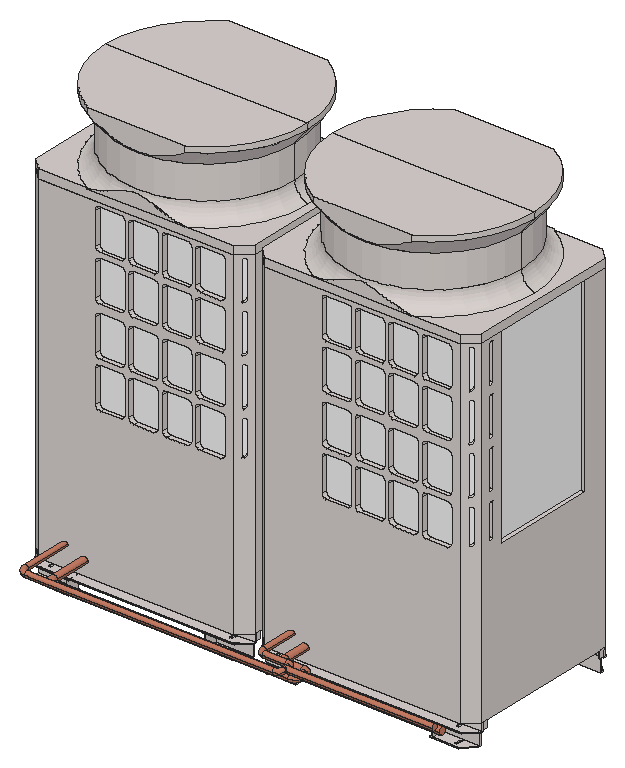
Revit family "PURY-EP600YSNW-A1", category 機械設備, Revit 2016
Family settings
  パーツ タイプ = 標準
  丸型コネクタ寸法 = 半径を使用
  OmniClass 番号 = 23.75.00.00
  OmniClass タイトル = Climate Control (HVAC)
  作業面に基づく = いいえ
  常に垂直 = はい
  ロード時にボイドで切り取り = いいえ
  共有 = いいえ
  部屋の計算ポイント = いいえ
Parameters (values of type "PURY-EP600YSNW-A1_415V_60Hz")
  WarrantyStart = ""
  Temp. range of cooling (Outdoor temp.) (D.B.) = "-5.0 to 52.0"
  Temp. range of cooling (Indoor temp.) (W.B.) = "15.0 to 24.0"
  TagNumber = 0
  SerialNumber = 0
  ReplacementYear = ""
  Outdoor unit 2 Breaker size (A) = 30
  Outdoor unit 1 Breaker size (A) = 30
  Note_1 = "Refrigerant pipe diameters may change depending on the installation condition. Please refer to the installation manual."
  モデル = "PURY-EP600YSNW-A1"
  Width = 1870.000 mm
  Voltage = 415 V
  Unit Weight (kg) = 460
  URL = "http://www.mitsubishielectric.com/"
  Temp. range of heating (Outdoor temp.) (W.B.) = "-20.0 to 15.5"
  Temp. range of heating (Indoor temp.) (D.B.) = "15.0 to 27.0"
  Subcategory = "HVAC"
  Space View = yes
  Sound Pressure Level (dB(A)) Heating mode = 70
  Sound Pressure Level (dB(A)) Cooling mode = 64
  Refrigerant type = "R410A"
  Refrigerant Charge (kg) = 10.4
  Protection Devices_Inverter circuit (COMP./FAN) = "Over-current protection"
  Protection Devices_High pressure (MPa) = "High pressure sensor, High pressure switch at 4.15"
  Phase = 3
  製造元 = "Mitsubishi Electric Corporation"
  Outdoor unit 2 = PURY-EP300YNW-A1 : PURY-EP300YNW-A1
  Outdoor unit 1 = PURY-EP300YNW-A1 : PURY-EP300YNW-A1
  Maximum Circuit Ampacity (A) = 40.6
  Low pressure pipe_radius = 14.290 mm
  InstallationDate = "0"
  Indoor Unit Total Capacity = "50 to 150% of outdoor unit capacity"
  Indoor Unit Model/Quantity = "P10 to P250/2 to 50"
  High pressure pipe_radius = 11.100 mm
  Hertz = 60 Hz
  Height = 1858.000 mm
  Heating SCOP (kW/kW) = 3.99
  Heating Rated Load Ampacity (A) = 30.9
  Heating Power Input (kW) = 20.02
  Heating Power Input (Nominal) (kW) = 17.03
  Heating Current Input (Nominal) (A) = 26.3
  Heating Current Input (A) = 30.9
  Heating Capacity (kW) = 76.5
  Heating Capacity (Nominal) (kW) = 69
  Heating COP (kW/kW) = 3.82
  Heating COP (Nominal) (kW/kW) = 4.05
  Fan_Type = "Propeller Fan"
  Fan_Quantity = 2
  Fan Motor Output (kW) = 1.84
  External static pressure (Pa) = 0
  External Finish = "Pre-coated galvanized steel sheets (+powder coating for -BS type) <MUNSELL 5Y 8/1 or similar>"
  Equip_description = "0"
  Equip_No. = 0
  Equip_ID = "0"
  Description = "0"
  Depth = 740.000 mm
  CreatedOn = "0"
  CreatedBy = "0"
  Cooling SEER (kW/kW) = 6.61
  Cooling Rated Load Ampacity (A) = 26.7
  Cooling Power Input (kW) = 17.33
  Cooling EER (kW/kW) = 3.98
  Cooling Current Input (A) = 26.7
  Cooling Capacity (kW) = 69
  Compressor_Type = "Inverter scroll hermetic compressor"
  Compressor_Quantity = 2
  Compressor_Lubricant = "MEL32"
  Compressor Motor Output (kW) = 14.6
  Category [instance] = "0"
  Barcode = "0"
  AssetIdentifier = "0"
  Airflow Rate (m3/min) = 480
  Airflow Rate (m3/h) = 28800
Reference planes
  plane 1 "Center (Front/Back)": y = 0
  plane 2: z = 0
  plane 3 "Center (Left/Right)": x = 0
  plane 4: y = 370
  plane 5 "front": y = -370
  plane 6: x = -935
  plane 7: x = 935
  plane 8: x = 15
  plane 9: x = -15
  plane 10: z = 1858
Forms (mm)
  Sweep 1, solid, material "Copper"
    path origin (1017.215, -4.248, 187) x (0, -1, 0) y (1, 0, 0)
      loop
        line (360, -1792.386) -> (570, -1792.386)
        arc (570, -1792.386) -> (591.213, -1783.6) -> (600, -1762.386) r 30
        line (600, -1762.386) -> (600, -725.507)
        arc (600, -725.507) -> (594.142, -711.365) -> (580, -705.507) r 20
        line (580, -705.507) -> (552.385, -705.507)
        arc (552.385, -705.507) -> (538.243, -711.365) -> (532.385, -725.507) r 20
        line (532.385, -725.507) -> (532.385, -821.501)
        arc (532.385, -821.501) -> (526.527, -835.643) -> (512.385, -841.501) r 20
        line (512.385, -841.501) -> (357.385, -841.501)
    profile origin (-775.172, -469.248, 187) x (1, 0, 0) y (0, 0, 1)
      loop
        circle (0, 0) r 11.1
  Sweep 2, solid, material "Copper"
    path origin (1039.386, -4.248, 155) x (0, -1, 0) y (1, 0, 0)
      loop
        line (360, -1733) -> (525, -1733)
        arc (525, -1733) -> (546.213, -1724.213) -> (555, -1703) r 30
        line (555, -1703) -> (555, -800.253) -> (555, -715.253)
        arc (555, -715.253) -> (549.142, -701.111) -> (535, -695.253) r 20
        line (535, -695.253) -> (510, -695.253)
        arc (510, -695.253) -> (495.858, -701.111) -> (490, -715.253) r 20
        line (490, -715.253) -> (490, -786.253)
        arc (490, -786.253) -> (484.142, -800.395) -> (470, -806.253) r 20
        line (470, -806.253) -> (360, -806.253)
    profile origin (-693.614, -446.748, 155) x (1, 0, 0) y (0, 0, 1)
      loop
        circle (0, 0) r 14.29
  Sweep 3, solid, material "Copper"
    path origin (934.386, -4.248, 187) x (0, -1, 0) y (1, 0, 0)
      loop
        line (565.96, -620) -> (565.96, 0.614)
    profile origin (624.693, -570.208, 187) x (0, 1, 0) y (0, 0, 1)
      loop
        circle (0, 0) r 11.1
  Sweep 4, solid, material "Copper"
    path origin (934.386, -4.248, 155.027) x (-1, 0, 0) y (0, -1, 0)
      loop
        line (585, 523.84) -> (0, 523.84)
    profile origin (641.886, -528.088, 155.027) x (0, 1, 0) y (0, 0, 1)
      loop
        circle (0, 0) r 14.29
Dimensions and locks
  plane 6 to plane 7 = 1870.000 mm
  "High pressure pipe_radius": radius of Sweep 3 sketch curve
  "Low pressure pipe_radius": radius of Sweep 4 sketch curve
  aligned and locked: level to plane 2
Automatic sketch dimensions
  Sweep 1 sketch curve to plane 5 "front" = 8.366 mm
  Sweep 1 sketch curve to plane 5 "front" = 5.752 mm
  plane 5 "front" to Sweep 1 sketch curve = 146.634 mm
  Sweep 1 sketch curve to Sweep 1 sketch curve = 20.000 mm  (x2)
  plane 5 "front" to Sweep 1 sketch curve = 204.248 mm
  Sweep 1 sketch curve to Sweep 1 sketch curve = 27.615 mm
  Sweep 1 sketch curve to Sweep 1 sketch curve = 30.000 mm
  plane 6 to Sweep 1 sketch curve = 159.828 mm
  plane 3 "Center (Left/Right)" to Sweep 1 sketch curve = 175.714 mm
  Sweep 1 sketch curve to Sweep 1 sketch curve = 95.994 mm
  profile plane to Sweep 1 sketch curve = 0.000 mm
  Sweep 1 sketch curve to profile plane = 0.000 mm
  Sweep 2 sketch curve to plane 5 "front" = 5.752 mm  (x2)
  plane 5 "front" to Sweep 2 sketch curve = 104.248 mm
  Sweep 2 sketch curve to Sweep 2 sketch curve = 20.000 mm  (x3)
  plane 5 "front" to Sweep 2 sketch curve = 159.248 mm
  Sweep 2 sketch curve to Sweep 2 sketch curve = 25.000 mm
  plane 6 to Sweep 2 sketch curve = 241.386 mm
  plane 3 "Center (Left/Right)" to Sweep 2 sketch curve = 239.134 mm
  Sweep 2 sketch curve to Sweep 2 sketch curve = 6.000 mm
  Sweep 2 sketch curve to Sweep 2 sketch curve = 71.000 mm
  profile plane to Sweep 2 sketch curve = 0.000 mm
  Sweep 2 sketch curve to profile plane = 0.000 mm
  Sweep 3 sketch curve to plane 7 = 0.000 mm
  plane 5 "front" to Sweep 3 sketch curve = 200.208 mm
  plane 8 to Sweep 3 sketch curve = 299.386 mm
  Sweep 4 sketch curve to plane 7 = 0.614 mm
  plane 5 "front" to Sweep 4 sketch curve = 158.088 mm
  plane 8 to Sweep 4 sketch curve = 334.386 mm
  Sweep 3 sketch curve to profile plane = 0.000 mm  (x2)
  Sweep 4 sketch curve to profile plane = 0.000 mm  (x2)
  radius of Sweep 1 sketch curve = 11.100 mm
  radius of Sweep 2 sketch curve = 14.290 mm
Nested families
  nested 1: "PURY-EP300YNW-A1" at (-475, 0, 0), type <- "Outdoor unit 1", type "PURY-EP300YNW-A1"
  nested 2: "PURY-EP300YNW-A1" at (475, 0, 0), type <- "Outdoor unit 2", type "PURY-EP300YNW-A1"
Connectors
  piping at (934.386, -528.088, 155.027), diameter 28.58, driven by "Low pressure pipe_radius"
    settings: on Sweep 4, index 1, connector inside diameter 28.58 mm, connector length 0.000 mm, flow factor 0, pipe flow 0.0 L/s, pressure drop 0.0 Pa, fitting loss kfactor 0, connector angle 0.00°, fixture units 0, engagement length 0.000 mm, angle of deflection 0.00°, flow configuration 0, flow direction 0, fitting loss method 0, system type 22, joint type 0, gender type 0, connector reference index -1, connector utility 0, adjustable connector no, is connector primary yes, connector description "BC controller-Twinning pipe(Low pressure)"
  piping at (935, -570.208, 187), diameter 22.2, driven by "High pressure pipe_radius"
    settings: on Sweep 3, index 2, connector inside diameter 22.2 mm, connector length 0.000 mm, flow factor 0, pipe flow 0.0 L/s, pressure drop 0.0 Pa, fitting loss kfactor 0, connector angle 0.00°, fixture units 0, engagement length 0.000 mm, angle of deflection 0.00°, flow configuration 0, flow direction 0, fitting loss method 0, system type 22, joint type 0, gender type 0, connector reference index -1, connector utility 0, adjustable connector no, is connector primary no, connector description "BC controller-Twinning pipe(High pressure)"
  electrical at (319, -370, 280), driven by "Phase", driven by "Voltage"
    settings: index 4, voltage 415 V, apparent load 0 VA, apparent load phase1 0 VA, apparent load phase2 0 VA, apparent load phase3 0 VA, power factor 1, load classification "HVAC", number of poles 3, system type 30, power factor state 1, is connector primary yes, connector utility no, sub classification motor no, connector description ""
  electrical at (-633, -370, 280), driven by "Phase", driven by "Voltage"
    settings: index 5, voltage 415 V, apparent load 0 VA, apparent load phase1 0 VA, apparent load phase2 0 VA, apparent load phase3 0 VA, power factor 1, load classification "HVAC", number of poles 3, system type 30, power factor state 1, is connector primary no, connector utility no, sub classification motor no, connector description ""
Definition of nested family "PURY-EP300YNW-A1"
  Parameters
    Model = "PURY-P300YNW-A"
    URL = "http://www.mitsubishielectric.com/"
    Manufacturer = "Mitsubishi Electric Corporation"
    Liquid pipe_radius = 4.760 mm
    Gas pipe_radius = 11.100 mm
  Reference planes
    plane 1 "Center (Front/Back)": y = 0
    plane 2: z = 0
    plane 3 "Center (Left/Right)": x = 0
    plane 4 "11": through (-415, 370, 1200) normal (0.7071, -0.7071, 0)
    plane 5 "22": through (-415, -370, 1200) normal (-0.7071, -0.7071, 0)
    plane 6 "44": through (460, 325, 1200) normal (-0.7071, -0.7071, 0)
    plane 7 "33": through (460, -325, 1200) normal (0.7071, -0.7071, 0)
    plane 8: z = 754.5
    plane 9: z = 909.5
    plane 10: x = -300
    plane 11: x = -217
    plane 12: y = 370
    plane 13: y = -370
    plane 14: x = -460
    plane 15: x = 460
  Forms (mm)
    Extrusion 1, solid
      sketch origin (0, 0, 113) x (-1, 0, 0) y (0, -1, 0)
        loop
          line (410, -370) -> (460, -320) -> (460, 320) -> (410, 370) -> (-410, 370) -> (-460, 320) -> (-460, -320) -> (-410, -370) -> (410, -370)
      from -18 to 1408
    Extrusion 2, void
      sketch origin (410, -370, 113) x (1, 0, 0) y (0, 0, -1)
        loop
          arc (-55, -1393.5) -> (-40.858, -1387.642) -> (-35, -1373.5) r 20
          line (-35, -1373.5) -> (-35, -1238.676)
          arc (-35, -1238.676) -> (-40.858, -1224.534) -> (-55, -1218.676) r 20
          line (-55, -1218.676) -> (-139.8, -1218.676)
          arc (-139.8, -1218.676) -> (-153.942, -1224.534) -> (-159.8, -1238.676) r 20
          line (-159.8, -1238.676) -> (-159.8, -1373.5)
          arc (-159.8, -1373.5) -> (-153.942, -1387.642) -> (-139.8, -1393.5) r 20
          line (-139.8, -1393.5) -> (-55, -1393.5)
      from 0 to 20
    Extrusion 3, void
      sketch origin (270, -370, 113) x (1, 0, 0) y (0, 0, -1)
        loop
          arc (-55, -1393.5) -> (-40.858, -1387.642) -> (-35, -1373.5) r 20
          line (-35, -1373.5) -> (-35, -1238.676)
          arc (-35, -1238.676) -> (-40.858, -1224.534) -> (-55, -1218.676) r 20
          line (-55, -1218.676) -> (-139.8, -1218.676)
          arc (-139.8, -1218.676) -> (-153.942, -1224.534) -> (-159.8, -1238.676) r 20
          line (-159.8, -1238.676) -> (-159.8, -1373.5)
          arc (-159.8, -1373.5) -> (-153.942, -1387.642) -> (-139.8, -1393.5) r 20
          line (-139.8, -1393.5) -> (-55, -1393.5)
      from 0 to 20
    Extrusion 4, void
      sketch origin (130, -370, 113) x (1, 0, 0) y (0, 0, -1)
        loop
          arc (-55, -1393.5) -> (-40.858, -1387.642) -> (-35, -1373.5) r 20
          line (-35, -1373.5) -> (-35, -1238.676)
          arc (-35, -1238.676) -> (-40.858, -1224.534) -> (-55, -1218.676) r 20
          line (-55, -1218.676) -> (-139.8, -1218.676)
          arc (-139.8, -1218.676) -> (-153.942, -1224.534) -> (-159.8, -1238.676) r 20
          line (-159.8, -1238.676) -> (-159.8, -1373.5)
          arc (-159.8, -1373.5) -> (-153.942, -1387.642) -> (-139.8, -1393.5) r 20
          line (-139.8, -1393.5) -> (-55, -1393.5)
      from 0 to 20
    Extrusion 5, void
      sketch origin (-10, -370, 113) x (1, 0, 0) y (0, 0, -1)
        loop
          arc (-55, -1393.5) -> (-40.858, -1387.642) -> (-35, -1373.5) r 20
          line (-35, -1373.5) -> (-35, -1238.676)
          arc (-35, -1238.676) -> (-40.858, -1224.534) -> (-55, -1218.676) r 20
          line (-55, -1218.676) -> (-139.8, -1218.676)
          arc (-139.8, -1218.676) -> (-153.942, -1224.534) -> (-159.8, -1238.676) r 20
          line (-159.8, -1238.676) -> (-159.8, -1373.5)
          arc (-159.8, -1373.5) -> (-153.942, -1387.642) -> (-139.8, -1393.5) r 20
          line (-139.8, -1393.5) -> (-55, -1393.5)
      from 0 to 20
    Extrusion 6, void
      sketch origin (410, -370, -81) x (1, 0, 0) y (0, 0, -1)
        loop
          arc (-55, -1393.5) -> (-40.858, -1387.642) -> (-35, -1373.5) r 20
          line (-35, -1373.5) -> (-35, -1238.676)
          arc (-35, -1238.676) -> (-40.858, -1224.534) -> (-55, -1218.676) r 20
          line (-55, -1218.676) -> (-139.8, -1218.676)
          arc (-139.8, -1218.676) -> (-153.942, -1224.534) -> (-159.8, -1238.676) r 20
          line (-159.8, -1238.676) -> (-159.8, -1373.5)
          arc (-159.8, -1373.5) -> (-153.942, -1387.642) -> (-139.8, -1393.5) r 20
          line (-139.8, -1393.5) -> (-55, -1393.5)
      from 0 to 20
    Extrusion 7, void
      sketch origin (270, -370, -81) x (1, 0, 0) y (0, 0, -1)
        loop
          arc (-55, -1393.5) -> (-40.858, -1387.642) -> (-35, -1373.5) r 20
          line (-35, -1373.5) -> (-35, -1238.676)
          arc (-35, -1238.676) -> (-40.858, -1224.534) -> (-55, -1218.676) r 20
          line (-55, -1218.676) -> (-139.8, -1218.676)
          arc (-139.8, -1218.676) -> (-153.942, -1224.534) -> (-159.8, -1238.676) r 20
          line (-159.8, -1238.676) -> (-159.8, -1373.5)
          arc (-159.8, -1373.5) -> (-153.942, -1387.642) -> (-139.8, -1393.5) r 20
          line (-139.8, -1393.5) -> (-55, -1393.5)
      from 0 to 20
    Extrusion 8, void
      sketch origin (130, -370, -81) x (1, 0, 0) y (0, 0, -1)
        loop
          arc (-55, -1393.5) -> (-40.858, -1387.642) -> (-35, -1373.5) r 20
          line (-35, -1373.5) -> (-35, -1238.676)
          arc (-35, -1238.676) -> (-40.858, -1224.534) -> (-55, -1218.676) r 20
          line (-55, -1218.676) -> (-139.8, -1218.676)
          arc (-139.8, -1218.676) -> (-153.942, -1224.534) -> (-159.8, -1238.676) r 20
          line (-159.8, -1238.676) -> (-159.8, -1373.5)
          arc (-159.8, -1373.5) -> (-153.942, -1387.642) -> (-139.8, -1393.5) r 20
          line (-139.8, -1393.5) -> (-55, -1393.5)
      from 0 to 20
    Extrusion 9, void
      sketch origin (-10, -370, -81) x (1, 0, 0) y (0, 0, -1)
        loop
          arc (-55, -1393.5) -> (-40.858, -1387.642) -> (-35, -1373.5) r 20
          line (-35, -1373.5) -> (-35, -1238.676)
          arc (-35, -1238.676) -> (-40.858, -1224.534) -> (-55, -1218.676) r 20
          line (-55, -1218.676) -> (-139.8, -1218.676)
          arc (-139.8, -1218.676) -> (-153.942, -1224.534) -> (-159.8, -1238.676) r 20
          line (-159.8, -1238.676) -> (-159.8, -1373.5)
          arc (-159.8, -1373.5) -> (-153.942, -1387.642) -> (-139.8, -1393.5) r 20
          line (-139.8, -1393.5) -> (-55, -1393.5)
      from 0 to 20
    Extrusion 10, void
      sketch origin (410, -370, -287) x (1, 0, 0) y (0, 0, -1)
        loop
          arc (-55, -1393.5) -> (-40.858, -1387.642) -> (-35, -1373.5) r 20
          line (-35, -1373.5) -> (-35, -1238.676)
          arc (-35, -1238.676) -> (-40.858, -1224.534) -> (-55, -1218.676) r 20
          line (-55, -1218.676) -> (-139.8, -1218.676)
          arc (-139.8, -1218.676) -> (-153.942, -1224.534) -> (-159.8, -1238.676) r 20
          line (-159.8, -1238.676) -> (-159.8, -1373.5)
          arc (-159.8, -1373.5) -> (-153.942, -1387.642) -> (-139.8, -1393.5) r 20
          line (-139.8, -1393.5) -> (-55, -1393.5)
      from 0 to 20
    Extrusion 11, void
      sketch origin (270, -370, -287) x (1, 0, 0) y (0, 0, -1)
        loop
          arc (-55, -1393.5) -> (-40.858, -1387.642) -> (-35, -1373.5) r 20
          line (-35, -1373.5) -> (-35, -1238.676)
          arc (-35, -1238.676) -> (-40.858, -1224.534) -> (-55, -1218.676) r 20
          line (-55, -1218.676) -> (-139.8, -1218.676)
          arc (-139.8, -1218.676) -> (-153.942, -1224.534) -> (-159.8, -1238.676) r 20
          line (-159.8, -1238.676) -> (-159.8, -1373.5)
          arc (-159.8, -1373.5) -> (-153.942, -1387.642) -> (-139.8, -1393.5) r 20
          line (-139.8, -1393.5) -> (-55, -1393.5)
      from 0 to 20
    Extrusion 12, void
      sketch origin (130, -370, -287) x (1, 0, 0) y (0, 0, -1)
        loop
          arc (-55, -1393.5) -> (-40.858, -1387.642) -> (-35, -1373.5) r 20
          line (-35, -1373.5) -> (-35, -1238.676)
          arc (-35, -1238.676) -> (-40.858, -1224.534) -> (-55, -1218.676) r 20
          line (-55, -1218.676) -> (-139.8, -1218.676)
          arc (-139.8, -1218.676) -> (-153.942, -1224.534) -> (-159.8, -1238.676) r 20
          line (-159.8, -1238.676) -> (-159.8, -1373.5)
          arc (-159.8, -1373.5) -> (-153.942, -1387.642) -> (-139.8, -1393.5) r 20
          line (-139.8, -1393.5) -> (-55, -1393.5)
      from 0 to 20
    Extrusion 13, void
      sketch origin (-10, -370, -287) x (1, 0, 0) y (0, 0, -1)
        loop
          arc (-55, -1393.5) -> (-40.858, -1387.642) -> (-35, -1373.5) r 20
          line (-35, -1373.5) -> (-35, -1238.676)
          arc (-35, -1238.676) -> (-40.858, -1224.534) -> (-55, -1218.676) r 20
          line (-55, -1218.676) -> (-139.8, -1218.676)
          arc (-139.8, -1218.676) -> (-153.942, -1224.534) -> (-159.8, -1238.676) r 20
          line (-159.8, -1238.676) -> (-159.8, -1373.5)
          arc (-159.8, -1373.5) -> (-153.942, -1387.642) -> (-139.8, -1393.5) r 20
          line (-139.8, -1393.5) -> (-55, -1393.5)
      from 0 to 20
    Extrusion 14, void
      sketch origin (410, -370, -481) x (1, 0, 0) y (0, 0, -1)
        loop
          arc (-55, -1393.5) -> (-40.858, -1387.642) -> (-35, -1373.5) r 20
          line (-35, -1373.5) -> (-35, -1238.676)
          arc (-35, -1238.676) -> (-40.858, -1224.534) -> (-55, -1218.676) r 20
          line (-55, -1218.676) -> (-139.8, -1218.676)
          arc (-139.8, -1218.676) -> (-153.942, -1224.534) -> (-159.8, -1238.676) r 20
          line (-159.8, -1238.676) -> (-159.8, -1373.5)
          arc (-159.8, -1373.5) -> (-153.942, -1387.642) -> (-139.8, -1393.5) r 20
          line (-139.8, -1393.5) -> (-55, -1393.5)
      from 0 to 20
    Extrusion 15, void
      sketch origin (270, -370, -481) x (1, 0, 0) y (0, 0, -1)
        loop
          arc (-55, -1393.5) -> (-40.858, -1387.642) -> (-35, -1373.5) r 20
          line (-35, -1373.5) -> (-35, -1238.676)
          arc (-35, -1238.676) -> (-40.858, -1224.534) -> (-55, -1218.676) r 20
          line (-55, -1218.676) -> (-139.8, -1218.676)
          arc (-139.8, -1218.676) -> (-153.942, -1224.534) -> (-159.8, -1238.676) r 20
          line (-159.8, -1238.676) -> (-159.8, -1373.5)
          arc (-159.8, -1373.5) -> (-153.942, -1387.642) -> (-139.8, -1393.5) r 20
          line (-139.8, -1393.5) -> (-55, -1393.5)
      from 0 to 20
    Extrusion 16, void
      sketch origin (130, -370, -481) x (1, 0, 0) y (0, 0, -1)
        loop
          arc (-55, -1393.5) -> (-40.858, -1387.642) -> (-35, -1373.5) r 20
          line (-35, -1373.5) -> (-35, -1238.676)
          arc (-35, -1238.676) -> (-40.858, -1224.534) -> (-55, -1218.676) r 20
          line (-55, -1218.676) -> (-139.8, -1218.676)
          arc (-139.8, -1218.676) -> (-153.942, -1224.534) -> (-159.8, -1238.676) r 20
          line (-159.8, -1238.676) -> (-159.8, -1373.5)
          arc (-159.8, -1373.5) -> (-153.942, -1387.642) -> (-139.8, -1393.5) r 20
          line (-139.8, -1393.5) -> (-55, -1393.5)
      from 0 to 20
    Extrusion 17, void
      sketch origin (-10, -370, -481) x (1, 0, 0) y (0, 0, -1)
        loop
          arc (-55, -1393.5) -> (-40.858, -1387.642) -> (-35, -1373.5) r 20
          line (-35, -1373.5) -> (-35, -1238.676)
          arc (-35, -1238.676) -> (-40.858, -1224.534) -> (-55, -1218.676) r 20
          line (-55, -1218.676) -> (-139.8, -1218.676)
          arc (-139.8, -1218.676) -> (-153.942, -1224.534) -> (-159.8, -1238.676) r 20
          line (-159.8, -1238.676) -> (-159.8, -1373.5)
          arc (-159.8, -1373.5) -> (-153.942, -1387.642) -> (-139.8, -1393.5) r 20
          line (-139.8, -1393.5) -> (-55, -1393.5)
      from 0 to 20
    Extrusion 18, solid
      sketch origin (0, -189, -3) x (0, 0, -1) y (-1, 0, 0)
        loop
          circle (-179, 217) r 11.1
      from 0 to 150
    Extrusion 19, solid
      sketch origin (0, -172, -3) x (0, 0, -1) y (-1, 0, 0)
        loop
          circle (-179, 300) r 4.76
      from 0 to 150
    Extrusion 20, void
      sketch origin (-460, -320, 113) x (0, -1, 0) y (0, 0, -1)
        loop
          line (-611.5, -1236.511) -> (-611.5, -1386.5)
          arc (-611.5, -1386.5) -> (-601.5, -1396.5) -> (-591.5, -1386.5) r 10
          line (-591.5, -1386.5) -> (-591.5, -1236.511)
          arc (-591.5, -1236.511) -> (-601.5, -1226.511) -> (-611.5, -1236.511) r 10
      from 0 to 20
    Extrusion 21, void
      sketch origin (-460, -320, -87.006) x (0, -1, 0) y (0, 0, -1)
        loop
          line (-611.5, -1236.511) -> (-611.5, -1386.5)
          arc (-611.5, -1386.5) -> (-601.5, -1396.5) -> (-591.5, -1386.5) r 10
          line (-591.5, -1386.5) -> (-591.5, -1236.511)
          arc (-591.5, -1236.511) -> (-601.5, -1226.511) -> (-611.5, -1236.511) r 10
      from 0 to 20
    Extrusion 22, void
      sketch origin (-460, -320, -287.006) x (0, -1, 0) y (0, 0, -1)
        loop
          line (-611.5, -1236.511) -> (-611.5, -1386.5)
          arc (-611.5, -1386.5) -> (-601.5, -1396.5) -> (-591.5, -1386.5) r 10
          line (-591.5, -1386.5) -> (-591.5, -1236.511)
          arc (-591.5, -1236.511) -> (-601.5, -1226.511) -> (-611.5, -1236.511) r 10
      from 0 to 20
    Extrusion 23, void
      sketch origin (-460, -320, -479.506) x (0, -1, 0) y (0, 0, -1)
        loop
          line (-611.5, -1244.006) -> (-611.5, -1379.006)
          arc (-611.5, -1379.006) -> (-601.5, -1389.006) -> (-591.5, -1379.006) r 10
          line (-591.5, -1379.006) -> (-591.5, -1244.006)
          arc (-591.5, -1244.006) -> (-601.5, -1234.006) -> (-611.5, -1244.006) r 10
      from 0 to 20
    Extrusion 24, void
      sketch origin (-460, -320, 113) x (0, -1, 0) y (0, 0, -1)
        loop
          line (-543, -1408) -> (-215, -1408) -> (-215, -632) -> (-543, -632) -> (-543, -1408)
      from 0 to 20
    Extrusion 25, void
      sketch origin (-410, 370, 113) x (0.707107, 0.707107, 0) y (0, 0, 1)
        loop
          line (-27.158, 1236.539) -> (-27.158, 1386.461)
          arc (-27.158, 1386.461) -> (-37.158, 1396.461) -> (-47.158, 1386.461) r 10
          line (-47.158, 1386.461) -> (-47.158, 1236.539)
          arc (-47.158, 1236.539) -> (-37.158, 1226.539) -> (-27.158, 1236.539) r 10
        loop
          line (-27.158, 1036.539) -> (-27.158, 1186.461)
          arc (-27.158, 1186.461) -> (-37.158, 1196.461) -> (-47.158, 1186.461) r 10
          line (-47.158, 1186.461) -> (-47.158, 1036.539)
          arc (-47.158, 1036.539) -> (-37.158, 1026.539) -> (-27.158, 1036.539) r 10
        loop
          line (-27.158, 836.539) -> (-27.158, 986.461)
          arc (-27.158, 986.461) -> (-37.158, 996.461) -> (-47.158, 986.461) r 10
          line (-47.158, 986.461) -> (-47.158, 836.539)
          arc (-47.158, 836.539) -> (-37.158, 826.539) -> (-27.158, 836.539) r 10
        loop
          line (-27.158, 652.5) -> (-27.158, 785.5)
          arc (-27.158, 785.5) -> (-37.158, 795.5) -> (-47.158, 785.5) r 10
          line (-47.158, 785.5) -> (-47.158, 652.5)
          arc (-47.158, 652.5) -> (-37.158, 642.5) -> (-27.158, 652.5) r 10
      from 0 to 20
    Extrusion 26, void
      sketch origin (460, -320, 113) x (0.707107, 0.707107, 0) y (0, 0, -1)
        loop
          arc (-25.5, -1236.423) -> (-35.5, -1226.423) -> (-45.5, -1236.423) r 10
          line (-45.5, -1236.423) -> (-45.5, -1386.487)
          arc (-45.5, -1386.487) -> (-35.5, -1396.487) -> (-25.5, -1386.487) r 10
          line (-25.5, -1386.487) -> (-25.5, -1236.423)
      from 0 to 20
    Extrusion 27, void
      sketch origin (460, -320, -86.884) x (0.707107, 0.707107, 0) y (0, 0, -1)
        loop
          arc (-25.5, -1236.423) -> (-35.5, -1226.423) -> (-45.5, -1236.423) r 10
          line (-45.5, -1236.423) -> (-45.5, -1386.487)
          arc (-45.5, -1386.487) -> (-35.5, -1396.487) -> (-25.5, -1386.487) r 10
          line (-25.5, -1386.487) -> (-25.5, -1236.423)
      from 0 to 20
    Extrusion 28, void
      sketch origin (460, -320, -286.884) x (0.707107, 0.707107, 0) y (0, 0, -1)
        loop
          arc (-25.5, -1236.423) -> (-35.5, -1226.423) -> (-45.5, -1236.423) r 10
          line (-45.5, -1236.423) -> (-45.5, -1386.487)
          arc (-45.5, -1386.487) -> (-35.5, -1396.487) -> (-25.5, -1386.487) r 10
          line (-25.5, -1386.487) -> (-25.5, -1236.423)
      from 0 to 20
    Extrusion 29, void
      sketch origin (460, -320, -487.987) x (0.707107, 0.707107, 0) y (0, 0, -1)
        loop
          arc (-25.5, -1253.487) -> (-35.5, -1243.487) -> (-45.5, -1253.487) r 10
          line (-45.5, -1253.487) -> (-45.5, -1386.487)
          arc (-45.5, -1386.487) -> (-35.5, -1396.487) -> (-25.5, -1386.487) r 10
          line (-25.5, -1386.487) -> (-25.5, -1253.487)
      from 0 to 20
    Extrusion 30, void
      sketch origin (460, 320, 113) x (0, 1, 0) y (0, 0, -1)
        loop
          line (-604, -1236.423) -> (-604, -1386.487)
          arc (-604, -1386.487) -> (-594, -1396.487) -> (-584, -1386.487) r 10
          line (-584, -1386.487) -> (-584, -1236.423)
          arc (-584, -1236.423) -> (-594, -1226.423) -> (-604, -1236.423) r 10
        loop
          line (-604, -1036.539) -> (-604, -1186.603)
          arc (-604, -1186.603) -> (-594, -1196.603) -> (-584, -1186.603) r 10
          line (-584, -1186.603) -> (-584, -1036.539)
          arc (-584, -1036.539) -> (-594, -1026.539) -> (-604, -1036.539) r 10
        loop
          line (-604, -836.539) -> (-604, -986.603)
          arc (-604, -986.603) -> (-594, -996.603) -> (-584, -986.603) r 10
          line (-584, -986.603) -> (-584, -836.539)
          arc (-584, -836.539) -> (-594, -826.539) -> (-604, -836.539) r 10
        loop
          line (-604, -652.5) -> (-604, -785.5)
          arc (-604, -785.5) -> (-594, -795.5) -> (-584, -785.5) r 10
          line (-584, -785.5) -> (-584, -652.5)
          arc (-584, -652.5) -> (-594, -642.5) -> (-604, -652.5) r 10
      from 0 to 20
    Extrusion 31, void
      sketch origin (460, 320, 113) x (0, 1, 0) y (0, 0, -1)
        loop
          line (-542, -1408) -> (-100, -1408) -> (-100, -611.5) -> (-542, -611.5) -> (-542, -1408)
      from 0 to 20
    Extrusion 32, void
      sketch origin (-410, 370, 113) x (-1, 0, 0) y (0, 0, -1)
        loop
          line (-718, -1408) -> (-47, -1408) -> (-47, -613) -> (-718, -613) -> (-718, -1408)
      from 0 to 20
  Cuts and joins
    Extrusion 2, Extrusion 3, Extrusion 4, Extrusion 5, Extrusion 6, Extrusion 7, Extrusion 8, Extrusion 9, Extrusion 10, Extrusion 11, Extrusion 12, Extrusion 13, Extrusion 14, Extrusion 15, Extrusion 16, Extrusion 17, Extrusion 20, Extrusion 21, Extrusion 22, Extrusion 23, Extrusion 24, Extrusion 25, Extrusion 26, Extrusion 27, Extrusion 28, Extrusion 29, Extrusion 30, Extrusion 31, Extrusion 32 cuts Extrusion 1
  Lines and regions (mm)
    model lines
      curve 1: line (-390, -370, 716) -> (390, -370, 716)
      curve 2: line (-390, -370, 1521) -> (-390, -370, 95)
      curve 3: line (390, -370, 1521) -> (390, -370, 95)
      curve 4: line (-172, -370, 95) -> (-172, -370, 207.5)
      curve 5: line (390, -370, 224.5) -> (199, -370, 224.5)
      curve 6: line (172, -370, 197.5) -> (172, -370, 95)
      curve 7: arc (-189, -370, 224.5) -> (-176.979, -370, 219.521) -> (-172, -370, 207.5) r 17
      curve 8: arc (199, -370, 224.5) -> (179.908, -370, 216.592) -> (172, -370, 197.5) r 27
      curve 9: line (-192, -291, 95) -> (-322, -291, 95)
      curve 10: line (-182, -207, 95) -> (-182, -281, 95)
      curve 11: line (-322, -197, 95) -> (-192, -197, 95)
      curve 12: line (-332, -281, 95) -> (-332, -207, 95)
      curve 13: arc (-332, -281, 95) -> (-329.071, -288.071, 95) -> (-322, -291, 95) r 10
      curve 14: arc (-192, -291, 95) -> (-184.929, -288.071, 95) -> (-182, -281, 95) r 10
      curve 15: arc (-182, -207, 95) -> (-184.929, -199.929, 95) -> (-192, -197, 95) r 10
      curve 16: arc (-322, -197, 95) -> (-329.071, -199.929, 95) -> (-332, -207, 95) r 10
      curve 25: line (-219, -370, 1521) -> (-219, -370, 716)
      curve 26: line (-189, -370, 224.5) -> (-390, -370, 224.5)
      curve 27: circle (308, -185, 95) r 26 normal (0, 0, 1)
      curve 28: circle (288, -260, 95) r 32.5 normal (0, 0, 1)
      curve 29: circle (244, -204, 95) r 17 normal (0, 0, 1)
      curve 30: line (-460, 243, 1521) -> (-460, 243, 95)
      curve 32: line (-460, 243, 705) -> (-460, -155, 705)
      curve 33: line (-460, -155, 95) -> (-460, -155, 1521)
      curve 34: line (-460, 223, 1521) -> (-460, 223, 705)
      curve 35: line (-460, -105, 1521) -> (-460, -105, 705)
      curve 36: line (-460, -95.983, 267.745) -> (-460, 184, 267.745)
      curve 37: line (-460, 184, 247.745) -> (-460, -95.983, 247.745)
      curve 38: arc (-460, -95.983, 247.745) -> (-460, -105.983, 257.745) -> (-460, -95.983, 267.745) r 10
      curve 39: arc (-460, 184, 267.745) -> (-460, 194, 257.745) -> (-460, 184, 247.745) r 10
      curve 40: line (-460, -95.983, 372.745) -> (-460, 184, 372.745)
      curve 41: line (-460, 184, 352.745) -> (-460, -95.983, 352.745)
      curve 42: arc (-460, -95.983, 352.745) -> (-460, -105.983, 362.745) -> (-460, -95.983, 372.745) r 10
      curve 43: arc (-460, 184, 372.745) -> (-460, 194, 362.745) -> (-460, 184, 352.745) r 10
      curve 44: line (-460, -95.983, 477.745) -> (-460, 184, 477.745)
      curve 45: line (-460, 184, 457.745) -> (-460, -95.983, 457.745)
      curve 46: arc (-460, -95.983, 457.745) -> (-460, -105.983, 467.745) -> (-460, -95.983, 477.745) r 10
      curve 47: arc (-460, 184, 477.745) -> (-460, 194, 467.745) -> (-460, 184, 457.745) r 10
      curve 48: line (-460, -95.983, 582.745) -> (-460, 184, 582.745)
      curve 49: line (-460, 184, 562.745) -> (-460, -95.983, 562.745)
      curve 50: arc (-460, -95.983, 562.745) -> (-460, -105.983, 572.745) -> (-460, -95.983, 582.745) r 10
      curve 51: arc (-460, 184, 582.745) -> (-460, 194, 572.745) -> (-460, 184, 562.745) r 10
      curve 52: line (-110, -370, 269) -> (110, -370, 269)
      curve 53: line (110, -370, 249) -> (-110, -370, 249)
      curve 54: arc (-120, -370, 259) -> (-117.071, -370, 266.071) -> (-110, -370, 269) r 10
      curve 55: arc (-110, -370, 249) -> (-117.071, -370, 251.929) -> (-120, -370, 259) r 10
      curve 56: arc (110, -370, 269) -> (117.071, -370, 266.071) -> (120, -370, 259) r 10
      curve 57: arc (120, -370, 259) -> (117.071, -370, 251.929) -> (110, -370, 249) r 10
      curve 58: line (-222.5, -370, 584) -> (222.5, -370, 584)
      curve 59: line (222.5, -370, 564) -> (-222.5, -370, 564)
      curve 60: arc (-222.5, -370, 584) -> (-229.571, -370, 581.071) -> (-232.5, -370, 574) r 10
      curve 61: arc (222.5, -370, 584) -> (229.571, -370, 581.071) -> (232.5, -370, 574) r 10
      curve 62: arc (232.5, -370, 574) -> (229.571, -370, 566.929) -> (222.5, -370, 564) r 10
      curve 63: arc (-222.5, -370, 564) -> (-229.571, -370, 566.929) -> (-232.5, -370, 574) r 10
      curve 64: line (-222.5, -370, 479) -> (222.5, -370, 479)
      curve 65: line (222.5, -370, 459) -> (-222.5, -370, 459)
      curve 66: arc (-222.5, -370, 479) -> (-229.571, -370, 476.071) -> (-232.5, -370, 469) r 10
      curve 67: arc (222.5, -370, 479) -> (229.571, -370, 476.071) -> (232.5, -370, 469) r 10
      curve 68: arc (232.5, -370, 469) -> (229.571, -370, 461.929) -> (222.5, -370, 459) r 10
      curve 69: arc (-222.5, -370, 459) -> (-229.571, -370, 461.929) -> (-232.5, -370, 469) r 10
      curve 70: line (-222.5, -370, 374) -> (222.5, -370, 374)
      curve 71: line (222.5, -370, 354) -> (-222.5, -370, 354)
      curve 72: arc (-222.5, -370, 374) -> (-229.571, -370, 371.071) -> (-232.5, -370, 364) r 10
      curve 73: arc (222.5, -370, 374) -> (229.571, -370, 371.071) -> (232.5, -370, 364) r 10
      curve 74: arc (232.5, -370, 364) -> (229.571, -370, 356.929) -> (222.5, -370, 354) r 10
      curve 75: arc (-222.5, -370, 354) -> (-229.571, -370, 356.929) -> (-232.5, -370, 364) r 10
      curve 76: line (460, -237.5, 1521) -> (460, -237.5, 95)
      curve 77: line (460, -237.5, 705) -> (460, 236.5, 705)
      curve 78: line (460, -237.5, 724.5) -> (460, 236.5, 724.5)
      curve 79: line (460, 236.5, 1521) -> (460, 236.5, 95)
      curve 80: line (327.5, 370, 1521) -> (327.5, 370, 95)
      curve 81: line (308, 370, 1521) -> (308, 370, 706)
      curve 82: line (327.5, 370, 706) -> (-382.5, 370, 706)
      curve 83: line (-382.5, 370, 1521) -> (-382.5, 370, 95)
      curve 84: line (-363, 370, 1521) -> (-363, 370, 706)
      curve 85: line (460, -140.491, 267.745) -> (460, 139.491, 267.745)
      curve 86: line (460, 139.491, 247.745) -> (460, -140.491, 247.745)
      curve 87: arc (460, -140.491, 247.745) -> (460, -150.491, 257.745) -> (460, -140.491, 267.745) r 10
      curve 88: arc (460, 139.491, 267.745) -> (460, 149.491, 257.745) -> (460, 139.491, 247.745) r 10
      curve 89: line (460, -140.491, 372.745) -> (460, 139.491, 372.745)
      curve 90: line (460, 139.491, 352.745) -> (460, -140.491, 352.745)
      curve 91: arc (460, -140.491, 352.745) -> (460, -150.491, 362.745) -> (460, -140.491, 372.745) r 10
      curve 92: arc (460, 139.491, 372.745) -> (460, 149.491, 362.745) -> (460, 139.491, 352.745) r 10
      curve 93: line (460, -140.491, 477.745) -> (460, 139.491, 477.745)
      curve 94: line (460, 139.491, 457.745) -> (460, -140.491, 457.745)
      curve 95: arc (460, -140.491, 457.745) -> (460, -150.491, 467.745) -> (460, -140.491, 477.745) r 10
      curve 96: arc (460, 139.491, 477.745) -> (460, 149.491, 467.745) -> (460, 139.491, 457.745) r 10
      curve 97: line (460, -140.491, 582.745) -> (460, 139.491, 582.745)
      curve 98: line (460, 139.491, 562.745) -> (460, -140.491, 562.745)
      curve 99: arc (460, -140.491, 562.745) -> (460, -150.491, 572.745) -> (460, -140.491, 582.745) r 10
      curve 100: arc (460, 139.491, 582.745) -> (460, 149.491, 572.745) -> (460, 139.491, 562.745) r 10
      curve 101: line (-222.5, 370, 584) -> (222.5, 370, 584)
      curve 102: line (222.5, 370, 564) -> (-222.5, 370, 564)
      curve 103: arc (-222.5, 370, 584) -> (-229.571, 370, 581.071) -> (-232.5, 370, 574) r 10
      curve 104: arc (222.5, 370, 584) -> (229.571, 370, 581.071) -> (232.5, 370, 574) r 10
      curve 105: arc (232.5, 370, 574) -> (229.571, 370, 566.929) -> (222.5, 370, 564) r 10
      curve 106: arc (-222.5, 370, 564) -> (-229.571, 370, 566.929) -> (-232.5, 370, 574) r 10
      curve 107: line (-222.5, 370, 479) -> (222.5, 370, 479)
      curve 108: line (222.5, 370, 459) -> (-222.5, 370, 459)
      curve 109: arc (-222.5, 370, 479) -> (-229.571, 370, 476.071) -> (-232.5, 370, 469) r 10
      curve 110: arc (222.5, 370, 479) -> (229.571, 370, 476.071) -> (232.5, 370, 469) r 10
      curve 111: arc (232.5, 370, 469) -> (229.571, 370, 461.929) -> (222.5, 370, 459) r 10
      curve 112: arc (-222.5, 370, 459) -> (-229.571, 370, 461.929) -> (-232.5, 370, 469) r 10
      curve 113: line (-222.5, 370, 374) -> (222.5, 370, 374)
      curve 114: line (222.5, 370, 354) -> (-222.5, 370, 354)
      curve 115: arc (-222.5, 370, 374) -> (-229.571, 370, 371.071) -> (-232.5, 370, 364) r 10
      curve 116: arc (222.5, 370, 374) -> (229.571, 370, 371.071) -> (232.5, 370, 364) r 10
      curve 117: arc (232.5, 370, 364) -> (229.571, 370, 356.929) -> (222.5, 370, 354) r 10
      curve 118: arc (-222.5, 370, 354) -> (-229.571, 370, 356.929) -> (-232.5, 370, 364) r 10
      curve 119: line (-222.5, 370, 269) -> (222.5, 370, 269)
      curve 120: line (222.5, 370, 249) -> (-222.5, 370, 249)
      curve 121: arc (-222.5, 370, 269) -> (-229.571, 370, 266.071) -> (-232.5, 370, 259) r 10
      curve 122: arc (222.5, 370, 269) -> (229.571, 370, 266.071) -> (232.5, 370, 259) r 10
      curve 123: arc (232.5, 370, 259) -> (229.571, 370, 251.929) -> (222.5, 370, 249) r 10
      curve 124: arc (-222.5, 370, 249) -> (-229.571, 370, 251.929) -> (-232.5, 370, 259) r 10
      curve 125: line (-325, -370, 131) -> (-197, -370, 131)
      curve 126: line (-335, -370, 205) -> (-335, -370, 141)
      curve 127: line (-197, -370, 215) -> (-325, -370, 215)
      curve 128: line (-187, -370, 141) -> (-187, -370, 205)
      curve 129: arc (-335, -370, 205) -> (-332.071, -370, 212.071) -> (-325, -370, 215) r 10
      curve 130: arc (-197, -370, 215) -> (-189.929, -370, 212.071) -> (-187, -370, 205) r 10
      curve 131: arc (-335, -370, 141) -> (-332.071, -370, 133.929) -> (-325, -370, 131) r 10
      curve 132: arc (-197, -370, 131) -> (-189.929, -370, 133.929) -> (-187, -370, 141) r 10
      curve 133: circle (328, -370, 170) r 20 normal (0, -1, 0)
      curve 134: circle (328, -370, 170) r 32.5 normal (0, -1, 0)
      curve 135: circle (253, -370, 185) r 13.5 normal (0, -1, 0)
      curve 136: circle (253, -370, 185) r 26 normal (0, -1, 0)
      curve 137: circle (204, -370, 150) r 17 normal (0, -1, 0)
    model lines, not visible
      curve 17: line (487.5, -370, 703) -> (492.5, -370, 703)
      curve 18: line (477.5, -370, 363) -> (477.5, -370, 693)
      curve 19: line (492.5, -370, 353) -> (487.5, -370, 353)
      curve 20: line (502.5, -370, 693) -> (502.5, -370, 363)
      curve 21: arc (487.5, -370, 703) -> (480.429, -370, 700.071) -> (477.5, -370, 693) r 10
      curve 22: arc (492.5, -370, 703) -> (499.571, -370, 700.071) -> (502.5, -370, 693) r 10
      curve 23: arc (502.5, -370, 363) -> (499.571, -370, 355.929) -> (492.5, -370, 353) r 10
      curve 24: arc (477.5, -370, 363) -> (480.429, -370, 355.929) -> (487.5, -370, 353) r 10
    reference lines
      curve 31: line (-410, 370, 0) -> (-460, 320, 0)
  Dimensions and locks
    nested 1 to level = 1858.000 mm
    nested 1 to nested 1 = 303.000 mm
    nested 5 to nested 5 = 60.000 mm
    nested 1 to nested 2 = 1495.000 mm
    Extrusion 1 to Extrusion 1 = 920.000 mm
    Extrusion 2 sketch curve to Extrusion 2 sketch curve = 174.824 mm
    Extrusion 3 sketch curve to Extrusion 3 sketch curve = 174.824 mm
    equal spacing: group 5, group 4, group 3, group 2
    equal spacing: group 2, group 3, group 4, group 5  (x2)
    Extrusion 4 sketch curve to Extrusion 4 sketch curve = 174.824 mm
    Extrusion 5 sketch curve to Extrusion 5 sketch curve = 174.824 mm
    Extrusion 6 sketch curve to Extrusion 6 sketch curve = 174.824 mm
    Extrusion 7 sketch curve to Extrusion 7 sketch curve = 174.824 mm
    Extrusion 8 sketch curve to Extrusion 8 sketch curve = 174.824 mm
    Extrusion 9 sketch curve to Extrusion 9 sketch curve = 174.824 mm
    Extrusion 10 sketch curve to Extrusion 10 sketch curve = 174.824 mm
    Extrusion 11 sketch curve to Extrusion 11 sketch curve = 174.824 mm
    Extrusion 12 sketch curve to Extrusion 12 sketch curve = 174.824 mm
    Extrusion 13 sketch curve to Extrusion 13 sketch curve = 174.824 mm
    Extrusion 14 sketch curve to Extrusion 14 sketch curve = 174.824 mm
    Extrusion 15 sketch curve to Extrusion 15 sketch curve = 174.824 mm
    Extrusion 16 sketch curve to Extrusion 16 sketch curve = 174.824 mm
    Extrusion 17 sketch curve to Extrusion 17 sketch curve = 174.824 mm
    cut or joined group 1 (Extrusion 1, Extrusion 2, Extrusion 3, Extrusion 4, Extrusion 5, Extrusion 6, Extrusion 7, Extrusion 8, Extrusion 9, Extrusion 10, Extrusion 11, Extrusion 12, Extrusion 13, Extrusion 14, Extrusion 15, Extrusion 16, Extrusion 17, Extrusion 20, Extrusion 21, Extrusion 22, Extrusion 23, Extrusion 24, Extrusion 25, Extrusion 26, Extrusion 27, Extrusion 28, Extrusion 29, Extrusion 30, Extrusion 31, Extrusion 32) to cut or joined group 1 = 820.000 mm
    cut or joined group 1 to cut or joined group 1 = 920.000 mm
    cut or joined group 1 to cut or joined group 1 = 740.000 mm
    nested 5 to cut or joined group 1 = 80.000 mm
    cut or joined group 1 to nested 4 to nested 5 = 80.000 mm, 760.000 mm
    cut or joined group 1 to nested 2 = 29.500 mm
    cut or joined group 1 to nested 3 to nested 2 = 29.500 mm, 681.000 mm
    cut or joined group 1 to cut or joined group 1 = 35.000 mm
    plane 6 "44" to cut or joined group 1 = 3.536 mm
    Extrusion 25 sketch curve to Extrusion 25 sketch curve = 20.000 mm
    cut or joined group 1 to cut or joined group 1 = 50.000 mm
    locked: Extrusion 19 to nested 2 at 116
    curve 137 to nested 2 = 90.000 mm
    curve 135 to nested 2 = 125.000 mm
    curve 133 to nested 2 = 110.000 mm
    cut or joined group 1 to curve 133 = 132.000 mm
    cut or joined group 1 to curve 135 = 207.000 mm
    cut or joined group 1 to curve 137 = 256.000 mm
    cut or joined group 1 to curve 126 to curve 128 = 125.000 mm, 148.000 mm
    curve 127 to curve 125 to nested 2 = 84.000 mm, 71.000 mm
    cut or joined group 1 to Extrusion 19 = 198.000 mm
    cut or joined group 1 to Extrusion 18 = 181.000 mm
    cut or joined group 1 to curve 29 = 166.000 mm
    cut or joined group 1 to curve 27 = 185.000 mm
    cut or joined group 1 to curve 28 = 110.000 mm
    curve 27 to cut or joined group 1 = 152.000 mm
    curve 28 to cut or joined group 1 = 172.000 mm
    curve 29 to cut or joined group 1 = 216.000 mm
    cut or joined group 1 to curve 9 to curve 11 = 79.000 mm, 94.000 mm
    cut or joined group 1 to curve 12 to curve 10 = 128.000 mm, 150.000 mm
    cut or joined group 1 to plane 10 = 160.000 mm
    cut or joined group 1 to plane 11 = 243.000 mm
    nested 4 to nested 4 = 60.000 mm
    cut or joined group 1 to nested 2 = 32.000 mm
    nested 4 to nested 4 = 56.000 mm
    nested 2 to nested 2 to nested 2 = 20.000 mm, 54.000 mm
    nested 3 to nested 2 = 592.000 mm
    nested 3 to nested 3 = 20.000 mm
    aligned and locked: level to plane 2
    aligned and locked: nested 2 to nested 4
    aligned and locked: nested 2 to nested 5
  Nested families
    nested 1: "FAN GUARD" at (0, 0, 861), type "FAN GUARD"
      with WIDTH 920.000 mm
    nested 2: "BASE LEG" at (0, -352, 60), type "BASE LEG"
      with Width 920.000 mm
    nested 3: "BASE LEG" at (0, 352, 60), type "BASE LEG"
      with Width 920.000 mm
    nested 4: "ATTACHMENT LEG" at (-374, -349, 0), type "ATTACHMENT LEG"
    nested 5: "ATTACHMENT LEG" at (374, -349, 0) x (-1, 0, 0) z (0, 0, 1), type "ATTACHMENT LEG"
    nested 6: "ATTACHMENT LEG" at (-374, 349, 0), type "ATTACHMENT LEG"
    nested 7: "ATTACHMENT LEG" at (374, 349, 0) x (-1, 0, 0) z (0, 0, 1), type "ATTACHMENT LEG"
